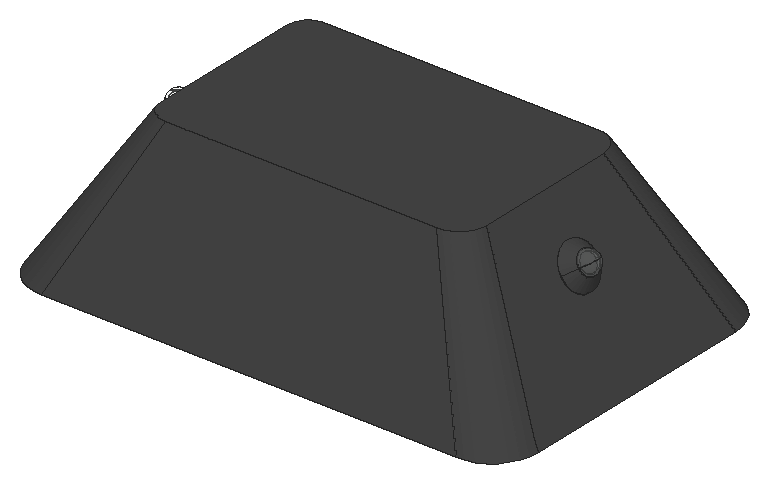
Revit family "EVHC", category Lighting Fixtures, host Face, Revit 2021
Family settings
  Host = Face
  Round Connector Dimension = Use Diameter
  Part Type = Normal
  OmniClass Number = 23.80.70.11.21
  OmniClass Title = Emergency Lighting
  Cut with Voids When Loaded = No
  Light Source = No
  Shared = No
  Room Calculation Point = No
Parameters (values of type "EVHC - Black")
  Wattage Comments = "3-12W"  # constant formula
  Voltage = 120 V
  URL = "https://www.currentlighting.com/dual-lite"
  Total Input Wattage = "6 W"  # constant formula
  Product Page URL = ""
  Product Documentation Link = ""
  Photpmetric Web [instance] = Web - EVHC : EVHC03
  Model = "EVHC"  # constant formula
  Manufacturer = "Dual Lighting"  # constant formula
  Load Classification = Lighting
  Lens = Glass
  Lamp = "LED"  # constant formula
  Finish = Paint - Black
  Description = "High Lumen LED Emergency Light"  # constant formula
  Default Elevation = 48.00"
  Apparent Load = 6 VA  # constant formula
Types (2): name | Photpmetric Web | Finish
  EVHC - Black | Web - EVHC : EVHC03 | Paint - Black
  EVHC - White | Web - EVHC : EVHC06 | Paint - White
Reference planes (in)
  plane 1 "Center (Front/Back)": y = 0
  plane 2: z = 0
  plane 3 "Center (Left/Right)": x = 0
  plane 4: z = 3.25
  plane 5: x = -5.5
  plane 6: x = 5.5
  plane 7: z = 1.49318
  plane 8: y = 3.6875
  plane 9: y = -3.6875
  plane 10: through (-4.46035, -180, 2.16643) normal (0.5241, 0, 0.8517)
  plane 11: through (4.46035, -180, 2.16643) normal (0.5241, 0, -0.8517)
Forms (in)
  Blend 1, solid, material "Paint - Black" <- "Finish"
    base sketch origin (-12.63562, -0.24181, 0) x (1, 0, 0) y (0, 1, 0)
      loop
        arc (8.13562, 3.92931) -> (7.42852, 3.63642) -> (7.13562, 2.92931) r 1
        line (7.13562, 2.92931) -> (7.13562, -2.44569)
        arc (7.13562, -2.44569) -> (7.42852, -3.1528) -> (8.13562, -3.44569) r 1
        line (8.13562, -3.44569) -> (17.13562, -3.44569)
        arc (17.13562, -3.44569) -> (17.84273, -3.1528) -> (18.13562, -2.44569) r 1
        line (18.13562, -2.44569) -> (18.13562, 2.92931)
        arc (18.13562, 2.92931) -> (17.84273, 3.63642) -> (17.13562, 3.92931) r 1
        line (17.13562, 3.92931) -> (8.13562, 3.92931)
    top sketch origin (-12.63562, -0.24181, 0) x (1, 0, 0) y (0, 1, 0)
      loop
        arc (9.63562, 2.42931) -> (9.28207, 2.28287) -> (9.13562, 1.92931) r 0.5
        line (9.13562, 1.92931) -> (9.13562, -1.44569)
        arc (9.13562, -1.44569) -> (9.28207, -1.79924) -> (9.63562, -1.94569) r 0.5
        line (9.63562, -1.94569) -> (15.53562, -1.94569)
        arc (15.53562, -1.94569) -> (15.95989, -1.76995) -> (16.13562, -1.34569) r 0.6
        line (16.13562, -1.34569) -> (16.13562, 1.82931)
        arc (16.13562, 1.82931) -> (15.95989, 2.25358) -> (15.53562, 2.42931) r 0.6
        line (15.53562, 2.42931) -> (9.63562, 2.42931)
    from 0 to 3.25
Dimensions and locks (in)
  plane 4 to plane 2 = 3.25"  (x2)
  equal spacing: plane 6, plane 3 "Center (Left/Right)", plane 5
  plane 6 to plane 5 = 11.00"
  plane 4 to level = 3.25"
  plane 8 to plane 9 = 7.375"
  locked: plane 3 "Center (Left/Right)" to plane 5 at 5.5
  equal spacing: Blend 1 sketch curve, plane 3 "Center (Left/Right)", Blend 1 sketch curve
  Blend 1 sketch curve to Blend 1 sketch curve = 7.00"
  equal spacing: plane 8, plane 1 "Center (Front/Back)", plane 9
  locked: plane 1 "Center (Front/Back)" to plane 8 at 3.6875
  Blend 1 sketch curve to Blend 1 sketch curve = 4.375"
  locked: plane 10 to plane 7 (angle 31.6075°)
  locked: plane 7 to plane 11 (angle 31.6075°)
  aligned and locked: plane 2 to host face
  aligned and locked: level to host face
  aligned and locked: plane 4 to Blend 1
  aligned and locked: plane 1 "Center (Front/Back)" to nested 1
  aligned and locked: plane 10 to nested 1
  aligned and locked: plane 11 to nested 2
Automatic sketch dimensions
  host sketch curve to host sketch curve = 96.00"  (x2)
  Blend 1 sketch curve to plane 5 = 0.00"
  Blend 1 sketch curve to plane 9 = 0.00"
  Blend 1 sketch curve to plane 8 = 0.00"
  Blend 1 sketch curve to plane 6 = 0.00"
  plane 5 to Blend 1 sketch curve = 1.00"  (x2)
  Blend 1 sketch curve to plane 6 = 1.00"
  Blend 1 sketch curve to Blend 1 sketch curve = 1.00"
  Blend 1 sketch curve to Blend 1 sketch curve = 0.50"  (x2)
  Blend 1 sketch curve to Blend 1 sketch curve = 0.60"  (x2)
  plane 9 to Blend 1 sketch curve = 1.50"
Nested families (in)
  nested 1: "Web - EVHC" at (-2.4131, 0, 5.01621) x (0, -1, 0) z (-0.8517, 0, 0.5241), Lens <- "Lens", Finish <- "Finish", type <- "Photpmetric Web", type "EVHC03"
    with Lens Glass, Finish Paint - Black, Apparent Load 3 VA
  nested 2: "Web - EVHC" at (2.4131, -0.01492, 5.01621) x (0, 1, 0) z (0.8517, 0, 0.5241), Lens <- "Lens", Finish <- "Finish", type <- "Photpmetric Web", type "EVHC03"
    with Lens Glass, Finish Paint - Black, Apparent Load 3 VA
Connectors (in)
  electrical at (0, 0, 0), driven by "Voltage", driven by "Load Classification", driven by "Apparent Load"
    settings: index 1, voltage 120 V, apparent load 6 VA, apparent load phase1 0 VA, apparent load phase2 0 VA, apparent load phase3 0 VA, power factor 1, load classification "Lighting", number of poles 1, system type 30, power factor state 1, is connector primary yes, connector utility no, sub classification motor no, connector description "Lighting Connector"
Definition of nested family "Web - EVHC"
  Parameters
    Wattage = 6 W
    built-in parameter 1150110 = 1 (stored number, unit not read)
    Voltage = 120 V
    URL = "http://www.dual-lite.com"
    built-in parameter 1114217 = 1 (stored number, unit not read)
    Total Input Wattage = "2-16 W"
    Tilt Angle = -90.00°
    built-in parameter 1150109 = 1 (stored number, unit not read)
    built-in parameter 1150134 = 2
    built-in parameter 1150113 = 1 (stored number, unit not read)
    Product Page URL = "http://www.dual-lite.com/products/pg"
    Product Documentation Link = "http://www.dual-lite.com/content/products/specs/specs_files/dlt_pg_specsht.pdf"
    Photometric Web File = "evhc06.ies"
    Model = "EV"  # constant formula
    Manufacturer Phone = "(864)-678-1000"  # constant formula
    Manufacturer Fax = "(866)-898-0131"  # constant formula
    Manufacturer = "Dual Lighting"  # constant formula
    built-in parameter 1150105 = 43.449 (stored number, unit not read)
    Lumens = 546 lm
    built-in parameter 1150115 = 1 (stored number, unit not read)
    built-in parameter 1150137 = (empty or 0)
    built-in parameter 1150139 = (empty or 0)
    Lens [instance] = none
    built-in parameter 1150112 = 1 (stored number, unit not read)
    built-in parameter 1150114 = 1 (stored number, unit not read)
    built-in parameter 1150132 = 1
    built-in parameter 1150102 = (empty or 0)
    built-in parameter 1150107 = 5000 (stored number, unit not read)
    built-in parameter 1150138 = (empty or 0)
    built-in parameter 1150106 = 0.43449 (stored number, unit not read)
    Finish [instance] = none
    built-in parameter 1150104 = 8.4542 (stored number, unit not read)
    Dimming Lamp Color Temperature Shift = (empty or 0)
    Description = "Emergency Light, Wet Location, LED, Die-Cast Aluminum"  # constant formula
    Default Elevation = 48.00"
    Color Filter = 16777215
    built-in parameter 1114218 = 1 (stored number, unit not read)
    built-in parameter 1150133 = 10 (stored number, unit not read)
    Apparent Load = 6 VA
  Reference planes (in)
    plane 1 "Center (Front/Back)": y = 0
    plane 2: z = 0
    plane 3 "Center (Left/Right)": x = 0
    plane 4: y = 3.5
    plane 5: y = -3.5
    plane 6: x = -0.5
    plane 7: x = 0.5
    plane 8: y = -1.9
    plane 9: z = -0.25
    plane 10: z = 0.5
    plane 11: z = 0.25
  Forms (in)
    Extrusion 1, solid
      sketch origin (0, 0, 0) x (1, 0, 0) y (0, 1, 0)
        loop
          line (-48, 48) -> (-48, -48) -> (48, -48) -> (48, 48) -> (-48, 48)
      from 0 to -12
    Revolve 2, solid, material <- "Finish"
      sketch origin (0, -3.5, 25.58567) x (0, 0, 1) y (-1, 0, 0)
        loop
          line (-25.83567, 0) -> (-25.83567, -0.5) -> (-25.58567, -0.5) -> (-25.33567, -0.26685) -> (-25.33567, -0.21168) -> (-25.59676, -0.45) -> (-25.78567, -0.45) -> (-25.78567, 0) -> (-25.83567, 0)
        axis (-25.33567, 0) -> (-25.83567, 0)
      angle from 0 to 360
    Revolve 3, solid, material <- "Lens"
      sketch origin (0, -3.5, 25.58567) x (0, 0, 1) y (-1, 0, 0)
        loop
          arc (-25.08567, 0) -> (-25.1589, 0.17678) -> (-25.33567, 0.25) r 0.25
          line (-25.33567, 0.25) -> (-25.33567, 0.2)
          arc (-25.33567, 0.2) -> (-25.19425, 0.14142) -> (-25.13567, 0) r 0.2
          line (-25.13567, 0) -> (-25.08567, 0)
        axis (-25.08567, 0) -> (-25.33567, 0)
      angle from 0 to 360
  Dimensions and locks (in)
    equal spacing: plane 4, plane 1 "Center (Front/Back)", plane 5
    locked: plane 4 to plane 5 at 7
    locked: plane 8 to plane 5 at 1.6
    plane 9 to plane 2 = 0.25"
    locked: plane 7 to plane 6 at 1
    plane 7 to imposter light to plane 6 = 0.50414", 0.49586"
    aligned and locked: plane 2 to Extrusion 1
    aligned and locked: level to Extrusion 1
    aligned and locked: Revolve 2 sketch curve to plane 3 "Center (Left/Right)"
    aligned and locked: Revolve 2 sketch curve to plane 9
    aligned and locked: plane 7 to Revolve 2 sketch curve
    aligned and locked: Revolve 3 sketch curve to plane 3 "Center (Left/Right)"  (x2)
    aligned and locked: Revolve 2 to Revolve 3 sketch curve
    aligned and locked: plane 3 "Center (Left/Right)" to Revolve 3 sketch curve
  Automatic sketch dimensions
    Extrusion 1 sketch curve to Extrusion 1 sketch curve = 96.00"  (x2)
    Revolve 2 sketch curve to plane 3 "Center (Left/Right)" = 0.00"
    Revolve 2 sketch curve to plane 11 = 0.00"
    Revolve 2 sketch curve to Revolve 2 sketch curve = 0.14592"
    Revolve 2 sketch curve to plane 9 = 0.05"
    plane 7 to Revolve 2 sketch curve = 0.05"
    Revolve 2 sketch curve to Revolve 2 sketch curve = 0.18892"
    Revolve 2 sketch curve to Revolve 2 sketch curve = 0.01108"
    Revolve 2 sketch curve to plane 10 = 0.27089"
    plane 7 to Revolve 2 sketch curve = 0.23315"
    Revolve 2 sketch curve to Revolve 2 sketch curve = 0.05517"
    Revolve 3 sketch curve to plane 10 = 0.00"
    Revolve 3 sketch curve to Revolve 3 sketch curve = 0.11385"
    Revolve 3 sketch curve to Revolve 3 sketch curve = 0.05"
    Revolve 3 sketch curve to plane 10 = 0.57522"
